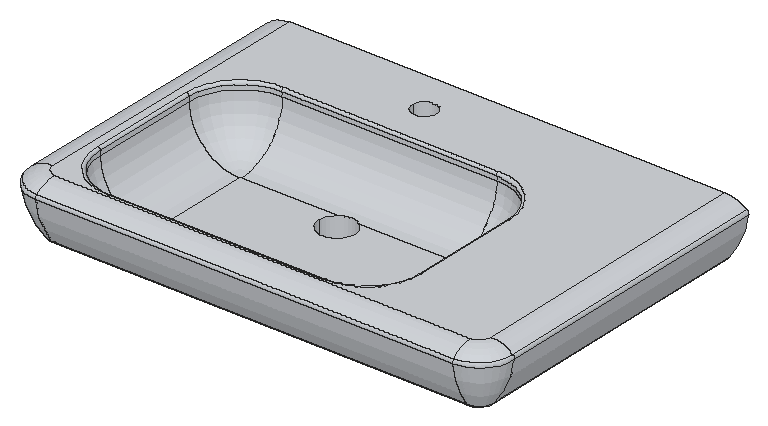
Revit family "NLRS_74_PF_UN_wastafel_S8311300000_SPHINX_BCB", category Plumbing Fixtures, Revit 2016
Family settings
  Part Type = Normal
  Round Connector Dimension = Use Diameter
  OmniClass Number = 23.45.00.00
  OmniClass Title = Sanitary, Laundry, and Cleaning Equipment
  Work Plane-Based = No
  Always vertical = Yes
  Cut with Voids When Loaded = No
  Shared = No
  Room Calculation Point = No
Parameters
  NLRS_C_type = "Wastafel met kraangat en blad"
  NLRS_C_serie = "365"
  NLRS_C_revit_versie = "2016"
  NLRS_C_content_versie = "2.0"
  NLRS_C_content_provider = "BouwConnect"
  NLRS_C_content_datum_uitgifte = "APR-2018"
  NLRS_C_content_datum_gewijzigd = "APR-2018"
  NLRS_C_content_creator = "BouwConnect"
  NLRS_C_URL_product_data = "http://www.sphinx.nl/producten/wastafels-%7C-fonteinen/wastafels/sphinx-365-%7C-wastafel-70-cm-links/29750/"
  URL = "http://www.sphinx.nl/"
  Type Comments = ""
  NLRS_S_gewicht = 18.50 kg
  NLRS_C_materiaal = none
  NLRS_C_lengte = 480 mm
  NLRS_C_hoogte = 155 mm
  NLRS_C_diameter_uit = 45 mm
  NLRS_C_diameter_in = 35 mm
  NLRS_C_breedte = 700 mm
  Model = ""
  Manufacturer = "Sphinx"
  Keynote = ""
  IfcTypeProduct = "IfcSanitaryTerminalType"
  IfcExportType = "SINK"
  IfcExportAs = "IfcSanitaryTerminalTypeEnum"
  IfcElement = "IfcFlowTerminal"
  NLRS_C_code_EAN = "8711754411494"
  Description = "wastafel"
  NLRS_C_URL_BCB = "http://bcb-online.nl/?zoekterm=Sphinx+++%5bGeberit+B.V.%5d"
  Assembly Code = "47.11"
Reference planes
  plane 1 "Center (Front/Back)": y = 0
  plane 2: z = 0
  plane 3 "Center (Left/Right)": x = 0
Forms (mm)
  Extrusion 1, solid, detail levels medium+fine
    sketch origin (2000, 5000, 0) x (1, 0, 0) y (0, 1, 0)
      loop
        line (-2352, -5000) -> (-2353.813, -5425.675)
        arc (-2353.813, -5425.675) -> (-2338.363, -5463.643) -> (-2300.702, -5479.827) r 54.01
        line (-2300.702, -5479.827) -> (-2024.979, -5484.417) -> (-1708.817, -5479.145)
        arc (-1708.817, -5479.145) -> (-1665.118, -5466.874) -> (-1646.219, -5425.608) r 53.995
        line (-1646.219, -5425.608) -> (-1648, -5000) -> (-2352, -5000)
    from -85 to 0
  Sweep 2, void, detail levels medium+fine
    path origin (0, 5000, 0) x (1, 0, 0) y (0, 1, 0)
      loop
        line (-347.372, -4850) -> (-349.778, -5424.776)
        arc (-349.778, -5424.776) -> (-335.792, -5459.669) -> (-301.45, -5474.958) r 50
        arc (-301.45, -5474.958) -> (0, -5480) -> (301.45, -5474.958) r 9013.37
        arc (301.45, -5474.958) -> (335.792, -5459.669) -> (349.778, -5424.776) r 50
        line (349.778, -5424.776) -> (347.372, -4850)
    profile origin (-348.575, -137.388, 0) x (0.999991, -0.004185, 0) y (0, 0, 1)
      loop
        line (33.781, 1) -> (-13.879, 1) -> (-13.879, -92) -> (33.983, -92) -> (33.983, -85) -> (32.983, -85)
        arc (32.983, -85) -> (30.356, -84.394) -> (28.26, -82.7) r 6
        arc (28.26, -82.7) -> (9.97, -51.926) -> (0.083, -17.52) r 140
        arc (0.083, -17.52) -> (0.418, -14.267) -> (2.295, -11.589) r 6.5
        arc (2.295, -11.589) -> (17.005, -2.989) -> (33.781, 0) r 48.567
        line (33.781, 0) -> (33.781, 1)
  Extrusion 3, solid, detail levels medium+fine
    sketch origin (0, 0, 0) x (1, 0, 0) y (0, 0, 1)
      loop
        line (-201.506, -134.996) -> (201.5, -134.996)
        arc (201.5, -134.996) -> (228.675, -112.345) -> (251.12, -85) r 187.794
        line (251.12, -85) -> (-251.122, -85)
        arc (-251.122, -85) -> (-228.679, -112.345) -> (-201.506, -134.996) r 187.792
    from 0 to 388.46
  Extrusion 4, void, detail levels medium+fine
    sketch origin (0, 0, 0) x (0, 1, 0) y (0, 0, 1)
      loop
        line (-381.107, -85.004) -> (-398.5, -85.004) -> (-398.5, -143.073) -> (-331.469, -143.073) -> (-331.469, -135.004)
        arc (-331.469, -135.004) -> (-358.653, -112.352) -> (-381.107, -85.004) r 187.821
    from -269.869 to 261.744
  Extrusion 5, void, detail levels medium+fine
    sketch origin (-180, 93, 0) x (1, 0, 0) y (0, 1, 0)
      loop
        circle (110, -155) r 17.5
    from -53.19 to 31.709
  Extrusion 6, void, detail levels medium+fine
    sketch origin (-112.5, 70, 0) x (1, 0, 0) y (0, 1, 0)
      loop
        circle (42.5, -290) r 26.25
    from -193.205 to 250
  Revolve 7, solid, detail levels medium+fine
    sketch origin (-2112.5, -219.627, 0) x (1, 0, 0) y (0, 0, 1)
      loop
        arc (2009.844, -153.175) -> (2010.485, -154.475) -> (2011.836, -155) r 2
        line (2011.836, -155) -> (2013.836, -155) -> (2013.836, -135) -> (2008.25, -135) -> (2009.844, -153.175)
      axis (2042.5, -155) -> (2042.5, -135)
    angle from 0 to 360
  Extrusion 8, void, detail levels medium+fine
    sketch origin (514.75, 3288.5, 0) x (1, 0, 0) y (0, 1, 0)
      loop
        line (-430, -3487) -> (-739.5, -3487)
        arc (-739.5, -3487) -> (-740.561, -3487.439) -> (-741, -3488.5) r 1.5
        line (-741, -3488.5) -> (-741, -3648.5)
        arc (-741, -3648.5) -> (-740.561, -3649.561) -> (-739.5, -3650) r 1.5
        line (-739.5, -3650) -> (-430, -3650)
        arc (-430, -3650) -> (-428.939, -3649.561) -> (-428.5, -3648.5) r 1.5
        line (-428.5, -3648.5) -> (-428.5, -3488.5)
        arc (-428.5, -3488.5) -> (-428.939, -3487.439) -> (-430, -3487) r 1.5
    from -83 to 24
  Sweep 9, void, detail levels medium+fine
    path origin (769.75, 4995, 0) x (-1, 0, 0) y (0, 1, 0)
      loop
        arc (610, -5355) -> (631.967, -5408.033) -> (685, -5430) r 75
        line (685, -5430) -> (995, -5430)
        arc (995, -5430) -> (1048.033, -5408.033) -> (1070, -5355) r 75
        line (1070, -5355) -> (1070, -5195)
        arc (1070, -5195) -> (1048.033, -5141.967) -> (995, -5120) r 75
        line (995, -5120) -> (685, -5120)
        arc (685, -5120) -> (631.967, -5141.967) -> (610, -5195) r 75
        line (610, -5195) -> (610, -5355)
    profile origin (159.75, -280, 0) x (-1, 0, 0) y (0, 0, 1)
      loop
        line (0, -4) -> (0, -10)
        arc (0, -10) -> (21.381, -61.619) -> (73, -83) r 73
        line (73, -83) -> (74, -83) -> (74, 24) -> (-5, 24) -> (-5, 0) -> (-4, 0)
        arc (-4, 0) -> (-1.172, -1.172) -> (0, -4) r 4
  Extrusion 10, solid, detail levels coarse
    sketch origin (2000, 5000, 0) x (1, 0, 0) y (0, 1, 0)
      loop
        line (-2352, -5000) -> (-2352, -5425)
        arc (-2352, -5425) -> (-2334.426, -5467.426) -> (-2292, -5485) r 60
        line (-2292, -5485) -> (-1712, -5485)
        arc (-1712, -5485) -> (-1669.574, -5467.426) -> (-1652, -5425) r 60
        line (-1652, -5425) -> (-1652, -5000) -> (-2352, -5000)
    from -134.996 to 0
  Extrusion 11, void, detail levels coarse
    sketch origin (-1000, 0, 0) x (1, 0, 0) y (0, 1, 0)
      loop
        arc (774.75, -125) -> (721.717, -146.967) -> (699.75, -200) r 75
        line (699.75, -200) -> (699.75, -360)
        arc (699.75, -360) -> (721.717, -413.033) -> (774.75, -435) r 75
        line (774.75, -435) -> (1084.75, -435)
        arc (1084.75, -435) -> (1137.783, -413.033) -> (1159.75, -360) r 75
        line (1159.75, -360) -> (1159.75, -200)
        arc (1159.75, -200) -> (1137.783, -146.967) -> (1084.75, -125) r 75
        line (1084.75, -125) -> (774.75, -125)
    from -85 to 100
Cuts and joins
  Sweep 2, Extrusion 5, Extrusion 6, Extrusion 8, Sweep 9 cuts Extrusion 1
  Extrusion 4, Extrusion 5, Extrusion 6, Extrusion 8 cuts Extrusion 3
  joined: Extrusion 1, Extrusion 3
  Extrusion 11 cuts Extrusion 10
Dimensions and locks
  aligned and locked: level to plane 2
